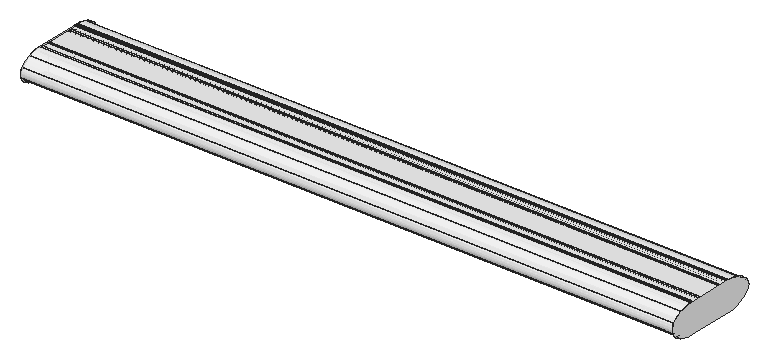
Revit family "ALRA", category Lighting Fixtures, host Ceiling, Revit 2019
Family settings
  Host = Ceiling
  Round Connector Dimension = Use Diameter
  Part Type = Normal
  OmniClass Number = 23.80.70.11.14.11
  OmniClass Title = Downlights
  Always vertical = Yes
  Cut with Voids When Loaded = No
  Light Source = Yes
  Shared = No
  Room Calculation Point = No
Parameters (values of type "ALRA96-LED840K120LUNV-C91")
  Width = 0' - 6 1/2"
  Wattage = 84.8451 W
  built-in parameter 1150110 = 1 (stored number, unit not read)
  Voltage = 120 V
  URL = "https://viscor.com/products/alra"
  built-in parameter 1114217 = 0.9 (stored number, unit not read)
  Tilt Angle = 180.00°
  built-in parameter 1150109 = 1 (stored number, unit not read)
  built-in parameter 1150134 = 12
  built-in parameter 1150113 = 1 (stored number, unit not read)
  Photometric Web File = "ALRA96-LED840K120LUNV-C91.ies"
  Model = "ALRA"  # constant formula
  Manufacturer = "VISIONEERING by VISCOR"  # constant formula
  Lumens = 12048 lm
  built-in parameter 1150115 = 1 (stored number, unit not read)
  built-in parameter 1150105 = 958.75 (stored number, unit not read)
  built-in parameter 1150137 = (empty or 0)
  built-in parameter 1150139 = (empty or 0)
  Lens Finsih = Acrylic - Viscor - Frosted Round
  Length = 3' - 9"
  Lamp Wattage = 85 VA
  built-in parameter 1150112 = 1 (stored number, unit not read)
  built-in parameter 1150114 = 1 (stored number, unit not read)
  Lamp = "LED"  # constant formula
  built-in parameter 1150132 = (empty or 0)
  built-in parameter 1150102 = (empty or 0)
  built-in parameter 1150138 = (empty or 0)
  built-in parameter 1150107 = 4000 (stored number, unit not read)
  built-in parameter 1150106 = 9.5875 (stored number, unit not read)
  Housing Finish = Metal - Viscor - White
  Emit from Line Length = Length  # 3' - 9"
  built-in parameter 1150104 = 13.192 (stored number, unit not read)
  Dimming Lamp Color Temperature Shift = <None>
  Description = "LED ALLURA Linear Pendant Type A"  # constant formula
  Color Filter = 16777215
  built-in parameter 1114218 = 1 (stored number, unit not read)
  built-in parameter 1150133 = 10 (stored number, unit not read)
  Assembly Code = "D5020200"
  Apparent Load = Lamp Wattage  # 85 VA
Types (9): name | Wattage | Photometric Web File | Lumens | built-in parameter 1150105 | Length | Lamp Wattage | built-in parameter 1150106 | Emit from Line Length | built-in parameter 1150104 | Apparent Load
  (no name) | 84.8451 W | "ALRA96-LED840K120LUNV-C91.ies" | 12048 lm | 958.75 (stored number, unit not read) | 3' - 9" | 85 VA | 9.5875 (stored number, unit not read) | 3' - 9" | 13.192 (stored number, unit not read) | 85 VA
  ALRA48-LED840K050LUNV-C91 | 35.9357 W | "ALRA48-LED840K050LUNV-C91.ies" | 5031 lm | 400.35 (stored number, unit not read) | 3' - 9" | 36 VA | 4.0035 (stored number, unit not read) | 3' - 9" | 13.006 (stored number, unit not read) | 36 VA
  ALRA96-LED840K080LUNV-C91 | 57.0213 W | "ALRA96-LED840K080LUNV-C91.ies" | 8040 lm | 639.8 (stored number, unit not read) | 7' - 5" | 57 VA | 6.398 (stored number, unit not read) | 7' - 5" | 13.099 (stored number, unit not read) | 57 VA
  ALRA48-LED840K035LUNV-C91 | 25 W | "ALRA48-LED840K035LUNV-C91.ies" | 3525 lm | 280.51 (stored number, unit not read) | 3' - 9" | 25 VA | 2.8051 (stored number, unit not read) | 3' - 9" | 13.099 (stored number, unit not read) | 25 VA
  ALRA48-LED840K040LUNV-C91 | 28.9209 W | "ALRA48-LED840K040LUNV-C91.ies" | 4020 lm | 319.9 (stored number, unit not read) | 3' - 9" | 29 VA | 3.199 (stored number, unit not read) | 3' - 9" | 12.914 (stored number, unit not read) | 29 VA
  ALRA96-LED840K070LUNV-C91 | 48.9583 W | "ALRA96-LED840K070LUNV-C91.ies" | 7050 lm | 561.02 (stored number, unit not read) | 3' - 9" | 49 VA | 5.6102 (stored number, unit not read) | 3' - 9" | 13.378 (stored number, unit not read) | 49 VA
  ALRA96-LED840K100LUNV-C91 | 70.8662 W | "ALRA96-LED840K100LUNV-C91.ies" | 10063 lm | 800.79 (stored number, unit not read) | 3' - 9" | 71 VA | 8.0079 (stored number, unit not read) | 3' - 9" | 13.192 (stored number, unit not read) | 71 VA
  ALRA96-LED840K120LUNV-C91 | 84.8451 W | "ALRA96-LED840K120LUNV-C91.ies" | 12048 lm | 958.75 (stored number, unit not read) | 3' - 9" | 85 VA | 9.5875 (stored number, unit not read) | 3' - 9" | 13.192 (stored number, unit not read) | 85 VA
  ALRA48-LED840K060LUNV-C91 | 43.9708 W | "ALRA48-LED840K60LUNV-C91.ies" | 6024 lm | 479.37 (stored number, unit not read) | 3' - 9" | 44 VA | 4.7937 (stored number, unit not read) | 3' - 9" | 12.728 (stored number, unit not read) | 44 VA
Reference planes (in)
  plane 1 "Light Source Axis (F/B)": y = 0
  plane 2 "Ceiling": z = 96
  plane 3 "Light Source Axis (L/R)": x = 0
  plane 4 "Light Source Elevation": z = 67.75
  plane 5: x = -22.5
  plane 6: x = 22.5
  plane 7: y = 3.25
  plane 8: y = -3.25
  plane 9: x = -22.46875
  plane 10: x = 22.46875
  plane 11 "LensBottom": z = 94
Forms (in)
  Extrusion 1, solid, material "Metal - Viscor - White" <- "Housing Finish"
    sketch origin (0, 0, 0) x (0, 1, 0) y (0, 0, 1)
      loop
        arc (2.25, 69.78425) -> (1.88666, 69.85223) -> (1.51772, 69.875) r 3
        line (1.51772, 69.875) -> (-1.51772, 69.875)
        arc (-1.51772, 69.875) -> (-1.88666, 69.85223) -> (-2.25, 69.78425) r 3
        arc (-2.25, 69.78425) -> (-2.67606, 69.617) -> (-3.04617, 69.34769) r 1.8
        arc (-3.04617, 69.34769) -> (-3.25, 68.875) -> (-3.04617, 68.40231) r 0.65
        arc (-3.04617, 68.40231) -> (-2.67606, 68.133) -> (-2.25, 67.96575) r 1.8
        arc (-2.25, 67.96575) -> (-1.88666, 67.89777) -> (-1.51772, 67.875) r 3
        line (-1.51772, 67.875) -> (1.51772, 67.875)
        arc (1.51772, 67.875) -> (1.88666, 67.89777) -> (2.25, 67.96575) r 3
        arc (2.25, 67.96575) -> (2.67606, 68.133) -> (3.04617, 68.40231) r 1.8
        arc (3.04617, 68.40231) -> (3.25, 68.875) -> (3.04617, 69.34769) r 0.65
        arc (3.04617, 69.34769) -> (2.67606, 69.617) -> (2.25, 69.78425) r 1.8
    from -22.5 to -22.46875
  Extrusion 2, solid, material "Metal - Viscor - White" <- "Housing Finish"
    sketch origin (0, 0, 0) x (0, 1, 0) y (0, 0, -1)
      loop
        arc (2.25, -69.78425) -> (2.67606, -69.617) -> (3.04617, -69.34769) r 1.8
        arc (3.04617, -69.34769) -> (3.25, -68.875) -> (3.04617, -68.40231) r 0.65
        arc (3.04617, -68.40231) -> (2.67606, -68.133) -> (2.25, -67.96575) r 1.8
        arc (2.25, -67.96575) -> (1.88666, -67.89777) -> (1.51772, -67.875) r 3
        line (1.51772, -67.875) -> (-1.51772, -67.875)
        arc (-1.51772, -67.875) -> (-1.88666, -67.89777) -> (-2.25, -67.96575) r 3
        arc (-2.25, -67.96575) -> (-2.67606, -68.133) -> (-3.04617, -68.40231) r 1.8
        arc (-3.04617, -68.40231) -> (-3.25, -68.875) -> (-3.04617, -69.34769) r 0.65
        arc (-3.04617, -69.34769) -> (-2.67606, -69.617) -> (-2.25, -69.78425) r 1.8
        arc (-2.25, -69.78425) -> (-1.88666, -69.85223) -> (-1.51772, -69.875) r 3
        line (-1.51772, -69.875) -> (1.51772, -69.875)
        arc (1.51772, -69.875) -> (1.88666, -69.85223) -> (2.25, -69.78425) r 3
    from -22.5 to -22.46875
  Extrusion 3, solid, material "Metal - Viscor - White" <- "Housing Finish"
    sketch origin (0, 0, 0) x (0, 1, 0) y (0, 0, 1)
      loop
        line (1.5, 69.529) -> (1.5, 69.772)
        arc (1.5, 69.772) -> (1.47979, 69.82079) -> (1.431, 69.841) r 0.069
        line (1.431, 69.841) -> (0.944, 69.841)
        arc (0.944, 69.841) -> (0.89521, 69.82079) -> (0.875, 69.772) r 0.069
        line (0.875, 69.772) -> (0.875, 67.98)
        arc (0.875, 67.98) -> (0.86358, 67.95242) -> (0.836, 67.941) r 0.039
        line (0.836, 67.941) -> (-0.836, 67.941)
        arc (-0.836, 67.941) -> (-0.86358, 67.95242) -> (-0.875, 67.98) r 0.039
        line (-0.875, 67.98) -> (-0.875, 69.772)
        arc (-0.875, 69.772) -> (-0.89521, 69.82079) -> (-0.944, 69.841) r 0.069
        line (-0.944, 69.841) -> (-1.431, 69.841)
        arc (-1.431, 69.841) -> (-1.47979, 69.82079) -> (-1.5, 69.772) r 0.069
        line (-1.5, 69.772) -> (-1.5, 69.529) -> (-1.46875, 69.529) -> (-1.46875, 69.772)
        arc (-1.46875, 69.772) -> (-1.45769, 69.79869) -> (-1.431, 69.80975) r 0.03775
        line (-1.431, 69.80975) -> (-0.944, 69.80975)
        arc (-0.944, 69.80975) -> (-0.91731, 69.79869) -> (-0.90625, 69.772) r 0.03775
        line (-0.90625, 69.772) -> (-0.90625, 67.98)
        arc (-0.90625, 67.98) -> (-0.88567, 67.93033) -> (-0.836, 67.90975) r 0.07025
        line (-0.836, 67.90975) -> (0.836, 67.90975)
        arc (0.836, 67.90975) -> (0.88567, 67.93033) -> (0.90625, 67.98) r 0.07025
        line (0.90625, 67.98) -> (0.90625, 69.772)
        arc (0.90625, 69.772) -> (0.91731, 69.79869) -> (0.944, 69.80975) r 0.03775
        line (0.944, 69.80975) -> (1.431, 69.80975)
        arc (1.431, 69.80975) -> (1.45769, 69.79869) -> (1.46875, 69.772) r 0.03775
        line (1.46875, 69.772) -> (1.46875, 69.529) -> (1.5, 69.529)
    from -22.46875 to 22.46875
  Extrusion 4, solid, material "Metal - Viscor - White" <- "Housing Finish"
    sketch origin (0, 0, 0) x (0, 1, 0) y (0, 0, 1)
      loop
        line (0.83875, 69.84931) -> (-0.83875, 69.84931)
        arc (-0.83875, 69.84931) -> (-0.86085, 69.84016) -> (-0.87, 69.81806) r 0.03125
        line (-0.87, 69.81806) -> (-0.87, 69.39389) -> (-0.834, 69.39389) -> (-0.834, 69.78506)
        arc (-0.834, 69.78506) -> (-0.82485, 69.80716) -> (-0.80275, 69.81631) r 0.03125
        line (-0.80275, 69.81631) -> (0.80275, 69.81631)
        arc (0.80275, 69.81631) -> (0.82485, 69.80716) -> (0.834, 69.78506) r 0.03125
        line (0.834, 69.78506) -> (0.834, 69.39389) -> (0.87, 69.39389) -> (0.87, 69.81806)
        arc (0.87, 69.81806) -> (0.86085, 69.84016) -> (0.83875, 69.84931) r 0.03125
    from -22.46875 to 22.46875
  Extrusion 5, solid, material "Acrylic - Viscor - Frosted Round" <- "Lens Finsih"
    sketch origin (0, 0, 0) x (0, 1, 0) y (0, 0, 1)
      loop
        line (1.5, 69.824) -> (1.5, 69.564) -> (1.44, 69.564) -> (1.41338, 69.60202)
        arc (1.41338, 69.60202) -> (1.38657, 69.62553) -> (1.35194, 69.634) r 0.075
        line (1.35194, 69.634) -> (1.27269, 69.634)
        arc (1.27269, 69.634) -> (1.25678, 69.64358) -> (1.2578, 69.66212) r 0.018
        arc (1.2578, 69.66212) -> (1.24473, 69.70661) -> (1.20364, 69.68514) r 0.03
        line (1.20364, 69.68514) -> (1.18542, 69.5981)
        arc (1.18542, 69.5981) -> (1.18948, 69.58139) -> (1.205, 69.574) r 0.02
        line (1.205, 69.574) -> (1.35975, 69.574) -> (1.40877, 69.504) -> (1.545, 69.504)
        arc (1.545, 69.504) -> (1.56621, 69.51279) -> (1.575, 69.534) r 0.03
        line (1.575, 69.534) -> (1.575, 69.78835)
        arc (1.575, 69.78835) -> (2.01533, 69.74901) -> (2.43508, 69.61025) r 1.925
        arc (2.43508, 69.61025) -> (2.75426, 69.41291) -> (3.01769, 69.14566) r 1.575
        arc (3.01769, 69.14566) -> (3.115, 68.861) -> (3.01769, 68.57634) r 0.465
        arc (3.01769, 68.57634) -> (2.75426, 68.30909) -> (2.43508, 68.11175) r 1.575
        arc (2.43508, 68.11175) -> (2.01533, 67.97299) -> (1.575, 67.93365) r 1.925
        line (1.575, 67.93365) -> (1.575, 68.188)
        arc (1.575, 68.188) -> (1.56621, 68.20921) -> (1.545, 68.218) r 0.03
        line (1.545, 68.218) -> (1.40877, 68.218) -> (1.35975, 68.148) -> (1.205, 68.148)
        arc (1.205, 68.148) -> (1.18948, 68.14061) -> (1.18542, 68.1239) r 0.02
        line (1.18542, 68.1239) -> (1.20364, 68.03686)
        arc (1.20364, 68.03686) -> (1.24473, 68.01539) -> (1.2578, 68.05987) r 0.03
        arc (1.2578, 68.05987) -> (1.25678, 68.07842) -> (1.27269, 68.088) r 0.018
        line (1.27269, 68.088) -> (1.35194, 68.088)
        arc (1.35194, 68.088) -> (1.38657, 68.09647) -> (1.41338, 68.11998) r 0.075
        line (1.41338, 68.11998) -> (1.44, 68.158) -> (1.5, 68.158) -> (1.5, 67.898)
        arc (1.5, 67.898) -> (1.51172, 67.86972) -> (1.54, 67.858) r 0.04
        line (1.54, 67.858) -> (1.625, 67.858)
        arc (1.625, 67.858) -> (2.05594, 67.90498) -> (2.46664, 68.04371) r 2
        arc (2.46664, 68.04371) -> (2.80102, 68.25045) -> (3.077, 68.53043) r 1.65
        arc (3.077, 68.53043) -> (3.19, 68.861) -> (3.077, 69.19157) r 0.54
        arc (3.077, 69.19157) -> (2.80102, 69.47154) -> (2.46664, 69.67829) r 1.65
        arc (2.46664, 69.67829) -> (2.05594, 69.81702) -> (1.625, 69.864) r 2
        line (1.625, 69.864) -> (1.54, 69.864)
        arc (1.54, 69.864) -> (1.51172, 69.85228) -> (1.5, 69.824) r 0.04
    from -22.46875 to 22.46875
  Extrusion 6, solid, material "Acrylic - Viscor - Frosted Round" <- "Lens Finsih"
    sketch origin (0, 0, 0) x (0, -1, 0) y (0, 0, -1)
      loop
        arc (1.5, -69.824) -> (1.51172, -69.85228) -> (1.54, -69.864) r 0.04
        line (1.54, -69.864) -> (1.625, -69.864)
        arc (1.625, -69.864) -> (2.05594, -69.81702) -> (2.46664, -69.67829) r 2
        arc (2.46664, -69.67829) -> (2.80102, -69.47154) -> (3.077, -69.19157) r 1.65
        arc (3.077, -69.19157) -> (3.19, -68.861) -> (3.077, -68.53043) r 0.54
        arc (3.077, -68.53043) -> (2.80102, -68.25045) -> (2.46664, -68.04371) r 1.65
        arc (2.46664, -68.04371) -> (2.05594, -67.90498) -> (1.625, -67.858) r 2
        line (1.625, -67.858) -> (1.54, -67.858)
        arc (1.54, -67.858) -> (1.51172, -67.86972) -> (1.5, -67.898) r 0.04
        line (1.5, -67.898) -> (1.5, -68.158) -> (1.44, -68.158) -> (1.41338, -68.11998)
        arc (1.41338, -68.11998) -> (1.38657, -68.09647) -> (1.35194, -68.088) r 0.075
        line (1.35194, -68.088) -> (1.27269, -68.088)
        arc (1.27269, -68.088) -> (1.25678, -68.07842) -> (1.2578, -68.05987) r 0.018
        arc (1.2578, -68.05987) -> (1.24473, -68.01539) -> (1.20364, -68.03686) r 0.03
        line (1.20364, -68.03686) -> (1.18542, -68.1239)
        arc (1.18542, -68.1239) -> (1.18948, -68.14061) -> (1.205, -68.148) r 0.02
        line (1.205, -68.148) -> (1.35975, -68.148) -> (1.40877, -68.218) -> (1.545, -68.218)
        arc (1.545, -68.218) -> (1.56621, -68.20921) -> (1.575, -68.188) r 0.03
        line (1.575, -68.188) -> (1.575, -67.93365)
        arc (1.575, -67.93365) -> (2.01533, -67.97299) -> (2.43508, -68.11175) r 1.925
        arc (2.43508, -68.11175) -> (2.75426, -68.30909) -> (3.01769, -68.57634) r 1.575
        arc (3.01769, -68.57634) -> (3.115, -68.861) -> (3.01769, -69.14566) r 0.465
        arc (3.01769, -69.14566) -> (2.75426, -69.41291) -> (2.43508, -69.61025) r 1.575
        arc (2.43508, -69.61025) -> (2.01533, -69.74901) -> (1.575, -69.78835) r 1.925
        line (1.575, -69.78835) -> (1.575, -69.534)
        arc (1.575, -69.534) -> (1.56621, -69.51279) -> (1.545, -69.504) r 0.03
        line (1.545, -69.504) -> (1.40877, -69.504) -> (1.35975, -69.574) -> (1.205, -69.574)
        arc (1.205, -69.574) -> (1.18948, -69.58139) -> (1.18542, -69.5981) r 0.02
        line (1.18542, -69.5981) -> (1.20364, -69.68514)
        arc (1.20364, -69.68514) -> (1.24473, -69.70661) -> (1.2578, -69.66212) r 0.03
        arc (1.2578, -69.66212) -> (1.25678, -69.64358) -> (1.27269, -69.634) r 0.018
        line (1.27269, -69.634) -> (1.35194, -69.634)
        arc (1.35194, -69.634) -> (1.38657, -69.62553) -> (1.41338, -69.60202) r 0.075
        line (1.41338, -69.60202) -> (1.44, -69.564) -> (1.5, -69.564) -> (1.5, -69.824)
    from -22.46875 to 22.46875
Dimensions and locks (in)
  equal spacing: host sketch curve, plane 3 "Light Source Axis (L/R)", host sketch curve
  equal spacing: host sketch curve, plane 1 "Light Source Axis (F/B)", host sketch curve
  host sketch curve to host sketch curve = 10' - 0"  (x2)
  equal spacing: plane 5, plane 3 "Light Source Axis (L/R)", plane 6
  "Length": plane 5 to plane 6
  equal spacing: plane 7, plane 1 "Light Source Axis (F/B)", plane 8
  "Width": plane 7 to plane 8
  plane 5 to plane 3 "Light Source Axis (L/R)" = 1' - 10 1/2"
  plane 7 to plane 1 "Light Source Axis (F/B)" = 0' - 3 1/4"
  plane 6 to plane 3 "Light Source Axis (L/R)" = 1' - 10 1/2"
  locked: plane 9 to plane 5 at 0.03125
  locked: plane 10 to plane 6 at 0.03125
  aligned and locked: plane 3 "Light Source Axis (L/R)" to imposter light
  aligned and locked: plane 1 "Light Source Axis (F/B)" to imposter light
  aligned and locked: plane 4 "Light Source Elevation" to imposter light
  aligned and locked: Extrusion 1 to plane 5
  aligned and locked: plane 9 to Extrusion 1
  aligned and locked: plane 6 to Extrusion 2
  aligned and locked: Extrusion 2 to plane 10
  aligned and locked: Extrusion 3 to plane 9
  aligned and locked: plane 10 to Extrusion 3
  aligned and locked: Extrusion 4 to plane 9
  aligned and locked: plane 10 to Extrusion 4
  aligned and locked: Extrusion 5 to plane 9
  aligned and locked: plane 10 to Extrusion 5
  aligned and locked: Extrusion 6 to plane 9
  aligned and locked: plane 10 to Extrusion 6
Automatic sketch dimensions
  plane 8 to Extrusion 1 sketch curve = 0' - 0.65"
  Extrusion 1 sketch curve to Extrusion 1 sketch curve = 0' - 0.78937"  (x2)
  Extrusion 1 sketch curve to plane 4 "Light Source Elevation" = 0' - 0.2887"  (x2)
  Extrusion 1 sketch curve to Extrusion 1 sketch curve = 0' - 0.29291"  (x3)
  Extrusion 1 sketch curve to Extrusion 1 sketch curve = 0' - 0"  (x7)
  plane 4 "Light Source Elevation" to Extrusion 1 sketch curve = 0' - 0 7/8"  (x2)
  Extrusion 1 sketch curve to plane 1 "Light Source Axis (F/B)" = 0' - 1.51772"
  Extrusion 1 sketch curve to plane 4 "Light Source Elevation" = 0' - 0 1/8"
  Extrusion 1 sketch curve to plane 7 = 0' - 0.65"
  Extrusion 1 sketch curve to plane 4 "Light Source Elevation" = 0' - 1 1/8"  (x2)
  Extrusion 1 sketch curve to Extrusion 1 sketch curve = 0' - 0.8363"  (x2)
  Extrusion 1 sketch curve to Extrusion 1 sketch curve = 0' - 0.1637"
  Extrusion 1 sketch curve to Extrusion 1 sketch curve = 0' - 1"  (x2)
  plane 8 to Extrusion 1 sketch curve = 0' - 0.20383"
  plane 8 to Extrusion 2 sketch curve = 0' - 0.65"
  Extrusion 2 sketch curve to Extrusion 2 sketch curve = 0' - 0.78937"  (x2)
  Extrusion 2 sketch curve to plane 4 "Light Source Elevation" = 0' - 0.2887"  (x2)
  Extrusion 2 sketch curve to Extrusion 2 sketch curve = 0' - 0.29291"  (x3)
  Extrusion 2 sketch curve to Extrusion 2 sketch curve = 0' - 0"  (x7)
  plane 4 "Light Source Elevation" to Extrusion 2 sketch curve = 0' - 0 7/8"  (x2)
  Extrusion 2 sketch curve to plane 1 "Light Source Axis (F/B)" = 0' - 1.51772"
  Extrusion 2 sketch curve to plane 4 "Light Source Elevation" = 0' - 0 1/8"
  Extrusion 2 sketch curve to plane 7 = 0' - 0.65"
  Extrusion 2 sketch curve to plane 4 "Light Source Elevation" = 0' - 1 1/8"  (x2)
  Extrusion 2 sketch curve to Extrusion 2 sketch curve = 0' - 0.8363"  (x2)
  Extrusion 2 sketch curve to Extrusion 2 sketch curve = 0' - 0.1637"
  Extrusion 2 sketch curve to Extrusion 2 sketch curve = 0' - 1"  (x2)
  plane 8 to Extrusion 2 sketch curve = 0' - 0.20383"
  Extrusion 3 sketch curve to Extrusion 3 sketch curve = 0' - 0"  (x12)
  plane 1 "Light Source Axis (F/B)" to Extrusion 3 sketch curve = 0' - 1 1/2"
  Extrusion 3 sketch curve to Extrusion 3 sketch curve = 0' - 0 1/32"
  Extrusion 3 sketch curve to Extrusion 3 sketch curve = 0' - 0.03775"  (x3)
  Extrusion 3 sketch curve to Extrusion 3 sketch curve = 0' - 0.487"  (x2)
  Extrusion 3 sketch curve to plane 4 "Light Source Elevation" = 0' - 0.23"  (x2)
  plane 1 "Light Source Axis (F/B)" to Extrusion 3 sketch curve = 0' - 0 29/32"
  Extrusion 3 sketch curve to Extrusion 3 sketch curve = 0' - 0.039"
  Extrusion 3 sketch curve to plane 1 "Light Source Axis (F/B)" = 0' - 0.836"
  Extrusion 3 sketch curve to Extrusion 3 sketch curve = 0' - 1.549"  (x2)
  Extrusion 3 sketch curve to Extrusion 3 sketch curve = 0' - 0.243"  (x2)
  plane 1 "Light Source Axis (F/B)" to Extrusion 4 sketch curve = 0' - 0.87"
  Extrusion 4 sketch curve to Extrusion 4 sketch curve = 0' - 0 1/32"  (x3)
  Extrusion 4 sketch curve to Extrusion 4 sketch curve = 0' - 0.00475"
  Extrusion 4 sketch curve to Extrusion 4 sketch curve = 0' - 0.036"  (x2)
  Extrusion 4 sketch curve to plane 1 "Light Source Axis (F/B)" = 0' - 0.80275"
  Extrusion 4 sketch curve to plane 4 "Light Source Elevation" = 0' - 1.64389"  (x2)
  Extrusion 4 sketch curve to Extrusion 4 sketch curve = 0' - 0.39117"
  Extrusion 4 sketch curve to Extrusion 4 sketch curve = 0' - 0.033"
  Extrusion 5 sketch curve to Extrusion 5 sketch curve = 0' - 0"  (x17)
  Extrusion 5 sketch curve to plane 4 "Light Source Elevation" = 0' - 0.3739"
  Extrusion 5 sketch curve to plane 1 "Light Source Axis (F/B)" = 0' - 1.18542"  (x2)
  Extrusion 5 sketch curve to plane 4 "Light Source Elevation" = 0' - 0.28686"
  Extrusion 5 sketch curve to Extrusion 5 sketch curve = 0' - 0.01821"  (x2)
  Extrusion 5 sketch curve to Extrusion 5 sketch curve = 0' - 0.01958"  (x2)
  Extrusion 5 sketch curve to Extrusion 5 sketch curve = 0' - 0.02936"  (x2)
  Extrusion 5 sketch curve to Extrusion 5 sketch curve = 0' - 0.03969"  (x2)
  Extrusion 5 sketch curve to Extrusion 5 sketch curve = 0' - 0.07926"  (x2)
  Extrusion 5 sketch curve to Extrusion 5 sketch curve = 0' - 0 1/128"  (x2)
  Extrusion 5 sketch curve to Extrusion 5 sketch curve = 0' - 0.05682"  (x2)
  Extrusion 5 sketch curve to plane 4 "Light Source Elevation" = 0' - 0.36998"
  Extrusion 5 sketch curve to Extrusion 5 sketch curve = 0' - 0.05363"  (x2)
  Extrusion 5 sketch curve to Extrusion 5 sketch curve = 0' - 0.02662"  (x2)
  Extrusion 5 sketch curve to Extrusion 5 sketch curve = 0' - 0.06"  (x3)
  Extrusion 5 sketch curve to Extrusion 5 sketch curve = 0' - 0.04"  (x2)
  Extrusion 5 sketch curve to Extrusion 5 sketch curve = 0' - 0.045"  (x2)
  Extrusion 5 sketch curve to Extrusion 5 sketch curve = 0' - 0.03"  (x2)
  Extrusion 5 sketch curve to Extrusion 5 sketch curve = 0' - 0.035"
  Extrusion 5 sketch curve to Extrusion 5 sketch curve = 0' - 0.085"
  Extrusion 5 sketch curve to Extrusion 5 sketch curve = 0' - 0.19729"  (x2)
  Extrusion 5 sketch curve to plane 7 = 0' - 0.6"
  Extrusion 5 sketch curve to plane 4 "Light Source Elevation" = 0' - 0.18365"
  Extrusion 5 sketch curve to Extrusion 5 sketch curve = 0' - 0.03565"  (x2)
  Extrusion 5 sketch curve to Extrusion 5 sketch curve = 0' - 0.006"  (x2)
  Extrusion 5 sketch curve to Extrusion 5 sketch curve = 0' - 0.00614"  (x2)
  Extrusion 5 sketch curve to Extrusion 5 sketch curve = 0' - 0.027"  (x2)
  Extrusion 5 sketch curve to Extrusion 5 sketch curve = 0' - 0.03198"
  Extrusion 5 sketch curve to Extrusion 5 sketch curve = 0' - 0.0041"
  Extrusion 5 sketch curve to Extrusion 5 sketch curve = 0' - 0.03802"  (x2)
  Extrusion 5 sketch curve to Extrusion 5 sketch curve = 0' - 0.0235"
  Extrusion 5 sketch curve to Extrusion 5 sketch curve = 0' - 0.6795"
  Extrusion 5 sketch curve to Extrusion 5 sketch curve = 0' - 1.286"
  Extrusion 5 sketch curve to Extrusion 5 sketch curve = 0' - 0.0065"
  Extrusion 5 sketch curve to Extrusion 5 sketch curve = 0' - 0.055"
  Extrusion 5 sketch curve to Extrusion 5 sketch curve = 0' - 0.015"
  Extrusion 5 sketch curve to Extrusion 5 sketch curve = 0' - 0.02"
  Extrusion 5 sketch curve to Extrusion 5 sketch curve = 0' - 0.018"
  Extrusion 5 sketch curve to Extrusion 5 sketch curve = 0' - 0.22435"
  Extrusion 6 sketch curve to Extrusion 6 sketch curve = 0' - 0"  (x17)
  plane 4 "Light Source Elevation" to Extrusion 6 sketch curve = 0' - 0.3739"
  Extrusion 6 sketch curve to plane 1 "Light Source Axis (F/B)" = 0' - 1.18542"  (x2)
  plane 4 "Light Source Elevation" to Extrusion 6 sketch curve = 0' - 0.28686"
  Extrusion 6 sketch curve to Extrusion 6 sketch curve = 0' - 0.01821"  (x2)
  Extrusion 6 sketch curve to Extrusion 6 sketch curve = 0' - 0.01958"  (x2)
  Extrusion 6 sketch curve to Extrusion 6 sketch curve = 0' - 0.02936"  (x2)
  Extrusion 6 sketch curve to Extrusion 6 sketch curve = 0' - 0.03969"  (x2)
  Extrusion 6 sketch curve to Extrusion 6 sketch curve = 0' - 0.07926"  (x2)
  Extrusion 6 sketch curve to Extrusion 6 sketch curve = 0' - 0 1/128"  (x2)
  Extrusion 6 sketch curve to Extrusion 6 sketch curve = 0' - 0.05682"  (x2)
  plane 4 "Light Source Elevation" to Extrusion 6 sketch curve = 0' - 0.36998"
  Extrusion 6 sketch curve to Extrusion 6 sketch curve = 0' - 0.05363"  (x2)
  Extrusion 6 sketch curve to Extrusion 6 sketch curve = 0' - 0.02662"  (x2)
  Extrusion 6 sketch curve to Extrusion 6 sketch curve = 0' - 0.06"  (x3)
  Extrusion 6 sketch curve to Extrusion 6 sketch curve = 0' - 0.04"  (x2)
  Extrusion 6 sketch curve to Extrusion 6 sketch curve = 0' - 0.045"  (x2)
  Extrusion 6 sketch curve to Extrusion 6 sketch curve = 0' - 0.03"  (x2)
  Extrusion 6 sketch curve to Extrusion 6 sketch curve = 0' - 0.035"
  Extrusion 6 sketch curve to Extrusion 6 sketch curve = 0' - 0.085"
  Extrusion 6 sketch curve to Extrusion 6 sketch curve = 0' - 0.19729"  (x2)
  Extrusion 6 sketch curve to plane 8 = 0' - 0.6"
  plane 4 "Light Source Elevation" to Extrusion 6 sketch curve = 0' - 0.18365"
  Extrusion 6 sketch curve to Extrusion 6 sketch curve = 0' - 0.03565"  (x2)
  Extrusion 6 sketch curve to Extrusion 6 sketch curve = 0' - 0.006"  (x2)
  Extrusion 6 sketch curve to Extrusion 6 sketch curve = 0' - 0.00614"  (x2)
  Extrusion 6 sketch curve to Extrusion 6 sketch curve = 0' - 0.027"  (x2)
  Extrusion 6 sketch curve to Extrusion 6 sketch curve = 0' - 0.03198"
  Extrusion 6 sketch curve to Extrusion 6 sketch curve = 0' - 0.0041"
  Extrusion 6 sketch curve to Extrusion 6 sketch curve = 0' - 0.03802"  (x2)
  Extrusion 6 sketch curve to Extrusion 6 sketch curve = 0' - 0.0235"
  Extrusion 6 sketch curve to Extrusion 6 sketch curve = 0' - 0.6795"
  Extrusion 6 sketch curve to Extrusion 6 sketch curve = 0' - 1.286"
  Extrusion 6 sketch curve to Extrusion 6 sketch curve = 0' - 0.0065"
  Extrusion 6 sketch curve to Extrusion 6 sketch curve = 0' - 0.055"
  Extrusion 6 sketch curve to Extrusion 6 sketch curve = 0' - 0.015"
  Extrusion 6 sketch curve to Extrusion 6 sketch curve = 0' - 0.02"
  Extrusion 6 sketch curve to Extrusion 6 sketch curve = 0' - 0.018"
  Extrusion 6 sketch curve to Extrusion 6 sketch curve = 0' - 0.22435"
Connectors (in)
  electrical at (0, 0, 67.75), driven by "Voltage", driven by "Lamp Wattage"
    settings: index 1, voltage 120 V, apparent load 0 VA, apparent load phase1 85 VA, apparent load phase2 0 VA, apparent load phase3 0 VA, power factor 1, load classification "Other", number of poles 1, system type 31, power factor state 1, is connector primary yes, connector utility no, sub classification motor no, connector description ""
